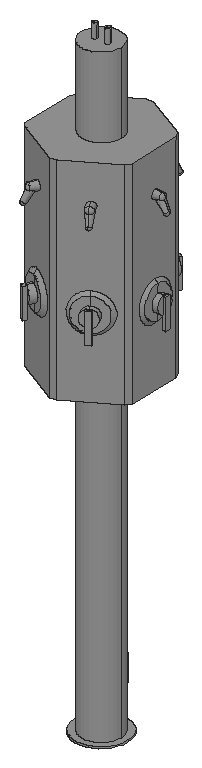
Revit family "Column_Shower-Willoughby-CWCSY", category Plumbing Fixtures, Revit 2015
Parameters (values of type "Standard")
  water line = Copper
  Waste Connection = no
  Vent Connection = no
  URL = "www.willoughby-ind.com"
  Revision = "A"
  Model = "CWCSY-6"
  Manufacturer = "Willoughby Industries"
  HW Connection = yes
  HCW DIA = 3/4"
  Fixture Body = Stainless Steel AISI 304-Willoughby
  Description = "6 Station Column Shower"
  Default Elevation = 0' - 0"
  Contact = "(800) 428-4065"
  CW Connection = yes
Reference planes (in)
  plane 1 "Center (Front/Back)": y = 0
  plane 2: z = 0
  plane 3 "Center (Left/Right)": x = 0
  plane 4 "Top Mounting Tube HGT": z = 92
  plane 5 "Shower Head HGT": z = 72
  plane 6 "Valve HGT": z = 60
  plane 7 "Soap dish HGT": z = 42
  plane 8 "Access": z = 6
  plane 9: x = -2
  plane 10: x = 2
  plane 11: x = -7.9375
  plane 12: x = 7.9375
  plane 13: through (0, 0, 48) normal (-0.866, 0.5, 0)
  plane 14: through (0, 0, 48) normal (-0.866, -0.5, 0)
  plane 15: x = 1
  plane 16: x = -1
Forms (in)
  Extrusion 1, solid, material "Stainless Steel AISI 304-Willoughby" <- "Fixture Body", detail levels fine
    sketch origin (0, 0, 0) x (1, 0, 0) y (0, 1, 0)
      loop
        circle (0, 0) r 4
    from 0 to -0.25
  Extrusion 2, solid, material "Stainless Steel AISI 304-Willoughby" <- "Fixture Body"
    sketch origin (0, 0, 0) x (1, 0, 0) y (0, 1, 0)
      loop
        circle (0, 0) r 3
    from 0 to 92
  Extrusion 3, solid, material "Stainless Steel AISI 304-Willoughby" <- "Fixture Body", detail levels fine
    sketch origin (0, 0, 6) x (1, 0, 0) y (0, 1, 0)
      loop
        line (2, 2.23607) -> (2.07433, 2.3104)
        arc (2.07433, 2.3104) -> (0, 3.10614) -> (-2.07433, 2.3104) r 3.10151
        line (-2.07433, 2.3104) -> (-2, 2.23607)
        arc (-2, 2.23607) -> (0, 3.03719) -> (2, 2.23607) r 2.89705
    from 0 to 4
  Extrusion 4, solid, material "Stainless Steel AISI 304-Willoughby" <- "Fixture Body"
    sketch origin (0, 0, 0) x (1, 0, 0) y (0, 1, 0)
      loop
        line (7.9375, -4) -> (7.9375, 4) -> (7.43285, 4.87408) -> (0.50465, 8.87408) -> (-0.50465, 8.87408) -> (-7.43285, 4.87408) -> (-7.9375, 4) -> (-7.9375, -4.36943) -> (-7.43285, -4.87408) -> (-0.50465, -8.87408) -> (0.50465, -8.87408) -> (7.43285, -4.87408) -> (7.9375, -4)
    from 48 to 80
  Revolve 5, solid, material "Stainless Steel AISI 304-Willoughby" <- "Fixture Body", detail levels medium+fine
    sketch origin (0, 0, 0) x (1, 0, 0) y (0, 0, 1)
      loop
        line (-7.9375, 74.25) -> (-9.4375, 74.25)
        arc (-9.4375, 74.25) -> (-9.3565, 73.94548) -> (-9.133, 73.72336) r 0.60317
        line (-9.133, 73.72336) -> (-7.9375, 73.61877) -> (-7.9375, 74.25)
      axis (-7.9375, 74.25) -> (-9.4375, 74.25)
    angle from 0 to 360
  Revolve 6, solid, material "Stainless Steel AISI 304-Willoughby" <- "Fixture Body", detail levels medium+fine
    sketch origin (0, 0, 0) x (1, 0, 0) y (0, 0, 1)
      loop
        arc (-10.02935, 72.63265) -> (-10.0914, 72.32141) -> (-9.90405, 72.06524) r 0.39437
        line (-9.90405, 72.06524) -> (-8.78983, 73.98782) -> (-9.26816, 74.26503) -> (-10.02935, 72.63265)
      axis (-8.78983, 73.98782) -> (-9.90405, 72.06524)
    angle from 0 to 360
  Revolve 7, solid, material "Stainless Steel AISI 304-Willoughby" <- "Fixture Body"
    sketch origin (0, 0, 0) x (-1, 0, 0) y (0, 0, 1)
      loop
        line (-7.9375, 74.25) -> (-9.4375, 74.25)
        arc (-9.4375, 74.25) -> (-9.3565, 73.94548) -> (-9.133, 73.72336) r 0.60317
        line (-9.133, 73.72336) -> (-7.9375, 73.61877) -> (-7.9375, 74.25)
      axis (-7.9375, 74.25) -> (-9.4375, 74.25)
    angle from 0 to 360
  Revolve 8, solid, material "Stainless Steel AISI 304-Willoughby" <- "Fixture Body"
    sketch origin (0, 0, 0) x (-1, 0, 0) y (0, 0, 1)
      loop
        arc (-10.02935, 72.63265) -> (-10.0914, 72.32141) -> (-9.90405, 72.06524) r 0.39437
        line (-9.90405, 72.06524) -> (-8.78983, 73.98782) -> (-9.26816, 74.26503) -> (-10.02935, 72.63265)
      axis (-8.78983, 73.98782) -> (-9.90405, 72.06524)
    angle from 0 to 360
  Revolve 9, solid, material "Stainless Steel AISI 304-Willoughby" <- "Fixture Body"
    sketch origin (0, 0, 0) x (-0.5, 0.866025, 0) y (0, 0, -1)
      loop
        line (-7.9375, -74.25) -> (-7.9375, -73.61877) -> (-9.133, -73.72336)
        arc (-9.133, -73.72336) -> (-9.3565, -73.94548) -> (-9.4375, -74.25) r 0.60317
        line (-9.4375, -74.25) -> (-7.9375, -74.25)
      axis (-7.9375, -74.25) -> (-9.4375, -74.25)
    angle from 0 to 360
  Revolve 10, solid, material "Stainless Steel AISI 304-Willoughby" <- "Fixture Body"
    sketch origin (0, 0, 0) x (-0.5, 0.866025, 0) y (0, 0, -1)
      loop
        line (-10.02935, -72.63265) -> (-9.26816, -74.26503) -> (-8.78983, -73.98782) -> (-9.90405, -72.06524)
        arc (-9.90405, -72.06524) -> (-10.0914, -72.32141) -> (-10.02935, -72.63265) r 0.39437
      axis (-8.78983, -73.98782) -> (-9.90405, -72.06524)
    angle from 0 to 360
  Revolve 11, solid, material "Stainless Steel AISI 304-Willoughby" <- "Fixture Body"
    sketch origin (0, 0, 0) x (0.5, -0.866025, 0) y (0, 0, 1)
      loop
        line (-7.9375, 74.25) -> (-9.4375, 74.25)
        arc (-9.4375, 74.25) -> (-9.3565, 73.94548) -> (-9.133, 73.72336) r 0.60317
        line (-9.133, 73.72336) -> (-7.9375, 73.61877) -> (-7.9375, 74.25)
      axis (-7.9375, 74.25) -> (-9.4375, 74.25)
    angle from 0 to 360
  Revolve 12, solid, material "Stainless Steel AISI 304-Willoughby" <- "Fixture Body"
    sketch origin (0, 0, 0) x (0.5, -0.866025, 0) y (0, 0, 1)
      loop
        arc (-10.02935, 72.63265) -> (-10.0914, 72.32141) -> (-9.90405, 72.06524) r 0.39437
        line (-9.90405, 72.06524) -> (-8.78983, 73.98782) -> (-9.26816, 74.26503) -> (-10.02935, 72.63265)
      axis (-8.78983, 73.98782) -> (-9.90405, 72.06524)
    angle from 0 to 360
  Revolve 13, solid, material "Stainless Steel AISI 304-Willoughby" <- "Fixture Body", detail levels medium+fine
    sketch origin (0, 0, 0) x (-1, 0, 0) y (0, 0, -1)
      loop
        line (-7.9375, -74.25) -> (-7.9375, -73.61877) -> (-9.133, -73.72336)
        arc (-9.133, -73.72336) -> (-9.3565, -73.94548) -> (-9.4375, -74.25) r 0.60317
        line (-9.4375, -74.25) -> (-7.9375, -74.25)
      axis (-7.9375, -74.25) -> (-9.4375, -74.25)
    angle from 0 to 360
  Revolve 14, solid, material "Stainless Steel AISI 304-Willoughby" <- "Fixture Body", detail levels medium+fine
    sketch origin (0, 0, 0) x (-1, 0, 0) y (0, 0, -1)
      loop
        line (-10.02935, -72.63265) -> (-9.26816, -74.26503) -> (-8.78983, -73.98782) -> (-9.90405, -72.06524)
        arc (-9.90405, -72.06524) -> (-10.0914, -72.32141) -> (-10.02935, -72.63265) r 0.39437
      axis (-8.78983, -73.98782) -> (-9.90405, -72.06524)
    angle from 0 to 360
  Revolve 15, solid, material "Stainless Steel AISI 304-Willoughby" <- "Fixture Body", detail levels medium+fine
    sketch origin (0, 0, 0) x (-0.5, -0.866025, 0) y (0, 0, -1)
      loop
        line (-7.9375, -74.25) -> (-7.9375, -73.61877) -> (-9.133, -73.72336)
        arc (-9.133, -73.72336) -> (-9.3565, -73.94548) -> (-9.4375, -74.25) r 0.60317
        line (-9.4375, -74.25) -> (-7.9375, -74.25)
      axis (-7.9375, -74.25) -> (-9.4375, -74.25)
    angle from 0 to 360
  Revolve 16, solid, material "Stainless Steel AISI 304-Willoughby" <- "Fixture Body", detail levels medium+fine
    sketch origin (0, 0, 0) x (-0.5, -0.866025, 0) y (0, 0, -1)
      loop
        line (-10.02935, -72.63265) -> (-9.26816, -74.26503) -> (-8.78983, -73.98782) -> (-9.90405, -72.06524)
        arc (-9.90405, -72.06524) -> (-10.0914, -72.32141) -> (-10.02935, -72.63265) r 0.39437
      axis (-8.78983, -73.98782) -> (-9.90405, -72.06524)
    angle from 0 to 360
  Revolve 17, solid, material "Stainless Steel AISI 304-Willoughby" <- "Fixture Body"
    sketch origin (0, 0, 0) x (0.5, 0.866025, 0) y (0, 0, 1)
      loop
        line (-7.9375, 74.25) -> (-9.4375, 74.25)
        arc (-9.4375, 74.25) -> (-9.3565, 73.94548) -> (-9.133, 73.72336) r 0.60317
        line (-9.133, 73.72336) -> (-7.9375, 73.61877) -> (-7.9375, 74.25)
      axis (-7.9375, 74.25) -> (-9.4375, 74.25)
    angle from 0 to 360
  Revolve 18, solid, material "Stainless Steel AISI 304-Willoughby" <- "Fixture Body"
    sketch origin (0, 0, 0) x (0.5, 0.866025, 0) y (0, 0, 1)
      loop
        arc (-10.02935, 72.63265) -> (-10.0914, 72.32141) -> (-9.90405, 72.06524) r 0.39437
        line (-9.90405, 72.06524) -> (-8.78983, 73.98782) -> (-9.26816, 74.26503) -> (-10.02935, 72.63265)
      axis (-8.78983, 73.98782) -> (-9.90405, 72.06524)
    angle from 0 to 360
  Revolve 19, solid, material "Stainless Steel AISI 304-Willoughby" <- "Fixture Body"
    sketch origin (0, 0, 0) x (0.5, 0.866025, 0) y (0, 0, 1)
      loop
        line (-7.9375, 74.25) -> (-9.4375, 74.25)
        arc (-9.4375, 74.25) -> (-9.3565, 73.94548) -> (-9.133, 73.72336) r 0.60317
        line (-9.133, 73.72336) -> (-7.9375, 73.61877) -> (-7.9375, 74.25)
      axis (-7.9375, 74.25) -> (-9.4375, 74.25)
    angle from 0 to 360
  Revolve 20, solid, material "Stainless Steel AISI 304-Willoughby" <- "Fixture Body"
    sketch origin (0, 0, 0) x (0.5, 0.866025, 0) y (0, 0, 1)
      loop
        arc (-10.02935, 72.63265) -> (-10.0914, 72.32141) -> (-9.90405, 72.06524) r 0.39437
        line (-9.90405, 72.06524) -> (-8.78983, 73.98782) -> (-9.26816, 74.26503) -> (-10.02935, 72.63265)
      axis (-8.78983, 73.98782) -> (-9.90405, 72.06524)
    angle from 0 to 360
  Revolve 21, solid, material "Stainless Steel AISI 304-Willoughby" <- "Fixture Body", detail levels fine
    sketch origin (0, 0, 0) x (1, 0, 0) y (0, 0, 1)
      loop
        line (-7.9375, 60) -> (-9.4375, 60) -> (-9.4375, 58.75) -> (-8.46783, 58.75) -> (-8.46783, 57.53033) -> (-7.9375, 57) -> (-7.9375, 60)
      axis (-7.9375, 60) -> (-9.4375, 60)
    angle from 0 to 360
  Extrusion 22, solid, material "Stainless Steel AISI 304-Willoughby" <- "Fixture Body", detail levels fine
    sketch origin (0, 0, 0) x (1, 0, 0) y (0, 0, 1)
      loop
        line (-9.4375, 61.25) -> (-9.9375, 61.25) -> (-9.9375, 56.75) -> (-9.4375, 56.75) -> (-9.4375, 61.25)
    from -0.375 to 0.375
  Revolve 23, solid, material "Stainless Steel AISI 304-Willoughby" <- "Fixture Body", detail levels fine
    sketch origin (0, 0, 0) x (-1, 0, 0) y (0, 0, 1)
      loop
        line (-7.9375, 60) -> (-9.4375, 60) -> (-9.4375, 58.75) -> (-8.46783, 58.75) -> (-8.46783, 57.53033) -> (-7.9375, 57) -> (-7.9375, 60)
      axis (-7.9375, 60) -> (-9.4375, 60)
    angle from 0 to 360
  Extrusion 24, solid, material "Stainless Steel AISI 304-Willoughby" <- "Fixture Body", detail levels fine
    sketch origin (0, 0, 0) x (-1, 0, 0) y (0, 0, -1)
      loop
        line (-9.4375, -61.25) -> (-9.4375, -56.75) -> (-9.9375, -56.75) -> (-9.9375, -61.25) -> (-9.4375, -61.25)
    from -0.375 to 0.375
  Revolve 25, solid, material "Stainless Steel AISI 304-Willoughby" <- "Fixture Body"
    sketch origin (0, 0, 0) x (-0.5, 0.866025, 0) y (0, 0, -1)
      loop
        line (-7.9375, -60) -> (-7.9375, -57) -> (-8.46783, -57.53033) -> (-8.46783, -58.75) -> (-9.4375, -58.75) -> (-9.4375, -60) -> (-7.9375, -60)
      axis (-7.9375, -60) -> (-9.4375, -60)
    angle from 0 to 360
  Extrusion 26, solid, material "Stainless Steel AISI 304-Willoughby" <- "Fixture Body"
    sketch origin (0, 0, 0) x (-0.5, 0.866025, 0) y (0, 0, -1)
      loop
        line (-9.4375, -61.25) -> (-9.4375, -56.75) -> (-9.9375, -56.75) -> (-9.9375, -61.25) -> (-9.4375, -61.25)
    from -0.375 to 0.375
  Revolve 27, solid, material "Stainless Steel AISI 304-Willoughby" <- "Fixture Body", detail levels fine
    sketch origin (0, 0, 0) x (-0.5, -0.866025, 0) y (0, 0, -1)
      loop
        line (-7.9375, -60) -> (-7.9375, -57) -> (-8.46783, -57.53033) -> (-8.46783, -58.75) -> (-9.4375, -58.75) -> (-9.4375, -60) -> (-7.9375, -60)
      axis (-7.9375, -60) -> (-9.4375, -60)
    angle from 0 to 360
  Extrusion 28, solid, material "Stainless Steel AISI 304-Willoughby" <- "Fixture Body", detail levels fine
    sketch origin (0, 0, 0) x (-0.5, -0.866025, 0) y (0, 0, -1)
      loop
        line (-9.4375, -61.25) -> (-9.4375, -56.75) -> (-9.9375, -56.75) -> (-9.9375, -61.25) -> (-9.4375, -61.25)
    from -0.375 to 0.375
  Revolve 29, solid, material "Stainless Steel AISI 304-Willoughby" <- "Fixture Body", detail levels fine
    sketch origin (0, 0, 0) x (0.5, -0.866025, 0) y (0, 0, 1)
      loop
        line (-7.9375, 60) -> (-9.4375, 60) -> (-9.4375, 58.75) -> (-8.46783, 58.75) -> (-8.46783, 57.53033) -> (-7.9375, 57) -> (-7.9375, 60)
      axis (-7.9375, 60) -> (-9.4375, 60)
    angle from 0 to 360
  Extrusion 30, solid, material "Stainless Steel AISI 304-Willoughby" <- "Fixture Body", detail levels fine
    sketch origin (0, 0, 0) x (0.5, -0.866025, 0) y (0, 0, 1)
      loop
        line (-9.4375, 61.25) -> (-9.9375, 61.25) -> (-9.9375, 56.75) -> (-9.4375, 56.75) -> (-9.4375, 61.25)
    from -0.375 to 0.375
  Revolve 31, solid, material "Stainless Steel AISI 304-Willoughby" <- "Fixture Body"
    sketch origin (0, 0, 0) x (0.5, 0.866025, 0) y (0, 0, 1)
      loop
        line (-7.9375, 60) -> (-9.4375, 60) -> (-9.4375, 58.75) -> (-8.46783, 58.75) -> (-8.46783, 57.53033) -> (-7.9375, 57) -> (-7.9375, 60)
      axis (-7.9375, 60) -> (-9.4375, 60)
    angle from 0 to 360
  Extrusion 32, solid, material "Stainless Steel AISI 304-Willoughby" <- "Fixture Body"
    sketch origin (0, 0, 0) x (0.5, 0.866025, 0) y (0, 0, 1)
      loop
        line (-9.4375, 61.25) -> (-9.9375, 61.25) -> (-9.9375, 56.75) -> (-9.4375, 56.75) -> (-9.4375, 61.25)
    from -0.375 to 0.375
  Revolve 33, solid, material "Copper" <- "water line", detail levels fine
    sketch origin (0, 0, 0) x (1, 0, 0) y (0, 0, 1)
      loop
        line (1, 92) -> (1, 94) -> (0.625, 94) -> (0.625, 92) -> (1, 92)
      axis (1, 94) -> (1, 92)
    angle from 0 to 360
  Revolve 34, solid, material "Copper" <- "water line", detail levels fine
    sketch origin (0, 0, 0) x (1, 0, 0) y (0, 0, 1)
      loop
        line (-1, 92) -> (-1, 94) -> (-1.375, 94) -> (-1.375, 92) -> (-1, 92)
      axis (-1, 94) -> (-1, 92)
    angle from 0 to 360
Lines and regions (in)
  symbolic lines
    curve 1: line (3, 0, 0) -> (3, 0, 91.75)
    curve 2: line (-3, 0, 91.75) -> (-3, 0, 0)
    curve 3: line (-3, 0, 0) -> (3, 0, 0)
    curve 4: line (-3, 0, 0) -> (-4, 0, 0)
    curve 5: line (-4, 0, 0) -> (-4, 0, -0.25)
    curve 6: line (-4, 0, -0.25) -> (4, 0, -0.25)
    curve 7: line (4, 0, -0.25) -> (4, 0, 0)
    curve 8: line (0, -3, 0) -> (0, -3, 90)
    curve 9: line (0, 3, 90) -> (0, 3, 0)
    curve 10: line (0, 7, 0) -> (0, -7, 0)
    curve 11: line (0, -7, 0) -> (0, -7, -0.25)
    curve 12: line (0, -7, -0.25) -> (0, 7, -0.25)
    curve 13: line (0, 7, -0.25) -> (0, 7, 0)
    curve 14: circle (0, 0, 92) r 3 normal (0, 0, 1)
    curve 15: line (3, 0, 0) -> (4, 0, 0)
    curve 16: line (-7.43285, 4.87408, 0) -> (-0.50465, 8.87408, 0)
    curve 17: line (-0.50465, 8.87408, 0) -> (0.50465, 8.87408, 0)
    curve 18: line (0.50465, 8.87408, 0) -> (7.43285, 4.87408, 0)
    curve 19: line (7.43285, 4.87408, 0) -> (7.9375, 4, 0)
    curve 20: line (7.9375, 4, 0) -> (7.9375, -4, 0)
    curve 21: line (7.9375, -4, 0) -> (7.43285, -4.87408, 0)
    curve 22: line (7.43285, -4.87408, 0) -> (0.50465, -8.87408, 0)
    curve 23: line (0.50465, -8.87408, 0) -> (-0.50465, -8.87408, 0)
    curve 24: line (-0.50465, -8.87408, 0) -> (-7.43285, -4.87408, 0)
    curve 25: line (-7.43285, -4.87408, 0) -> (-7.9375, -4.36943, 0)
    curve 26: line (-7.9375, -4.36943, 0) -> (-7.9375, 4, 0)
    curve 27: line (-7.9375, 4, 0) -> (-7.43285, 4.87408, 0)
    curve 82: circle (0, 0, 0) r 3 normal (0, 0, 1)
    curve 83: line (7.9375, 0, 48) -> (7.9375, 0, 80)
    curve 84: line (7.9375, 0, 80) -> (-7.9375, 0, 80)
    curve 85: line (-7.9375, 0, 80) -> (-7.9375, 0, 48)
    curve 86: line (-7.9375, 0, 48) -> (8.3125, 0, 48)
    curve 87: line (7.43285, 0, 48) -> (7.43285, 0, 80)
    curve 88: line (0.50465, 0, 48) -> (0.50465, 0, 80)
    curve 89: line (-0.50465, 0, 80) -> (-0.50465, 0, 48)
    curve 90: line (-7.43285, 0, 48) -> (-7.43285, 0, 80)
    curve 92: line (8.36057, 0, 73.66229) -> (8.31197, 0, 73.71088)
    curve 113: line (-3.96875, 0, 73.61877) -> (-3.90178, 0, 73.79323)
    curve 114: line (-4.95632, 0, 73.97917) -> (-4.92805, 0, 74.13951)
    curve 115: spline (-4.92805, 0, 74.13951) -> (-4.88648, 0, 74.205) -> (-4.81277, 0, 74.25423) -> (-4.71195, 0, 74.28383) -> (-4.59088, 0, 74.29181) -> (-4.45783, 0, 74.2776) -> (-4.32185, 0, 74.24219) -> (-4.19221, 0, 74.18797) -> (-4.07775, 0, 74.11866) -> (-3.98627, 0, 74.03897) -> (-3.92399, 0, 73.95433) -> (-3.89518, 0, 73.87051) -> (-3.90178, 0, 73.79323)
    curve 120: spline (-3.90178, 0, 73.79323) -> (-3.89518, 0, 73.87051) -> (-3.92399, 0, 73.95433) -> (-3.98627, 0, 74.03897) -> (-4.07775, 0, 74.11866) -> (-4.19221, 0, 74.18797) -> (-4.32185, 0, 74.24219) -> (-4.45783, 0, 74.2776) -> (-4.59088, 0, 74.29181) -> (-4.71195, 0, 74.28383) -> (-4.81277, 0, 74.25423) -> (-4.88648, 0, 74.205) -> (-4.92805, 0, 74.13951)
    curve 126: line (-8.3115, 0, 73.71061) -> (-9.26816, 0, 74.26503)
    curve 134: line (8.46783, 0, 62.46967) -> (7.9375, 0, 63)
    curve 144: line (9.4375, 0, 56.75) -> (9.4375, 0, 58.75)
    curve 149: line (4.64399, 0, 56.75) -> (4.39399, 0, 56.75)
    curve 163: line (-4.39399, 0, 61.25) -> (-5.29351, 0, 61.25)
    curve 170: line (-7.9375, 0, 63) -> (-8.46783, 0, 62.46967)
    curve 171: line (-8.46783, 0, 62.46967) -> (-8.46783, 0, 57.53033)
    curve 172: line (-8.46783, 0, 57.53033) -> (-7.9375, 0, 57)
    curve 173: line (-8.46783, 0, 61.25) -> (-9.9375, 0, 61.25)
    curve 174: line (-9.9375, 0, 61.25) -> (-9.9375, 0, 56.75)
    curve 175: line (-9.9375, 0, 56.75) -> (-9.4375, 0, 56.75)
    curve 176: line (-9.4375, 0, 56.75) -> (-9.4375, 0, 61.25)
    curve 177: line (-9.4375, 0, 58.75) -> (-8.46783, 0, 58.75)
    curve 178: line (-8.46783, 0, 62.46967) -> (-8.46783, 0, 61.25)
    curve 179: line (0, 8.87408, 80) -> (0, -8.87408, 80)
    curve 180: line (0, -8.87408, 80) -> (0, -8.87408, 48)
    curve 181: line (0, -8.87408, 48) -> (0, 8.87408, 48)
    curve 182: line (0, 8.87408, 48) -> (0, 8.87408, 80)
    curve 183: line (0, 4.87408, 80) -> (0, 4.87408, 48)
    curve 184: line (0, 4, 48) -> (0, 4, 80)
    curve 185: line (0, -4.36943, 80) -> (0, -4.36943, 48)
    curve 186: line (0, -4.87408, 48) -> (0, -4.87408, 80)
    curve 191: arc (0, -0.56081, 73.98177) -> (0, -0.54398, 74.03846) -> (0, -0.51433, 74.08962) r 0.25036
    curve 208: line (0, -8.0385, 72.27148) -> (0, -7.11978, 73.74175)
    curve 257: line (0, -3, 92) -> (0, 3, 92)
    curve 258: line (0, 0.375, 94) -> (0, 0.375, 92)
    curve 259: line (0, -0.375, 94) -> (0, 0.375, 94)
    curve 260: line (0, -0.375, 94) -> (0, -0.375, 92)
  symbolic lines, detail levels fine
    curve 28: line (-6.37271, 6.09852, 0) -> (-6.56683, 5.37408, 0)
    curve 29: line (-6.37271, 6.09852, 0) -> (-2.09512, 8.56819, 0)
    curve 30: line (-2.09512, 8.56819, 0) -> (-1.37067, 8.37408, 0)
    curve 31: line (-3.63622, 8.79811, 0) -> (-3.15138, 7.95836, 0)
    curve 32: line (-3.63622, 8.79811, 0) -> (-5.80128, 7.54811, 0)
    curve 33: line (-5.80128, 7.54811, 0) -> (-5.31645, 6.70836, 0)
    curve 34: line (-5.29351, 8.41863, 0) -> (-5.04351, 7.98561, 0)
    curve 35: line (-4.64399, 8.79363, 0) -> (-4.39399, 8.36061, 0)
    curve 36: line (-4.64399, 8.79363, 0) -> (-5.29351, 8.41863, 0)
    curve 37: line (2.09512, 8.56819, 0) -> (1.37067, 8.37408, 0)
    curve 38: line (2.09512, 8.56819, 0) -> (6.37271, 6.09852, 0)
    curve 39: line (6.37271, 6.09852, 0) -> (6.56683, 5.37408, 0)
    curve 40: line (5.80128, 7.54811, 0) -> (5.31645, 6.70836, 0)
    curve 41: line (3.63622, 8.79811, 0) -> (3.15138, 7.95836, 0)
    curve 42: line (3.63622, 8.79811, 0) -> (5.80128, 7.54811, 0)
    curve 43: line (5.04351, 7.98561, 0) -> (5.29351, 8.41863, 0)
    curve 44: line (5.29351, 8.41863, 0) -> (4.64399, 8.79363, 0)
    curve 45: line (4.64399, 8.79363, 0) -> (4.39399, 8.36061, 0)
    curve 46: line (8.46783, 2.46967, 0) -> (7.9375, 3, 0)
    curve 47: line (8.46783, 2.46967, 0) -> (8.46783, -2.46967, 0)
    curve 48: line (8.46783, -2.46967, 0) -> (7.9375, -3, 0)
    curve 49: line (9.4375, -1.25, 0) -> (8.46783, -1.25, 0)
    curve 50: line (9.4375, 1.25, 0) -> (8.46783, 1.25, 0)
    curve 51: line (9.4375, 1.25, 0) -> (9.4375, -1.25, 0)
    curve 52: line (9.9375, 0.375, 0) -> (9.4375, 0.375, 0)
    curve 53: line (9.9375, 0.375, 0) -> (9.9375, -0.375, 0)
    curve 54: line (9.9375, -0.375, 0) -> (9.4375, -0.375, 0)
    curve 55: line (6.37271, -6.09852, 0) -> (6.56683, -5.37408, 0)
    curve 56: line (6.37271, -6.09852, 0) -> (2.09512, -8.56819, 0)
    curve 57: line (2.09512, -8.56819, 0) -> (1.37067, -8.37408, 0)
    curve 58: line (3.63622, -8.79811, 0) -> (3.15138, -7.95836, 0)
    curve 59: line (5.80128, -7.54811, 0) -> (5.31645, -6.70836, 0)
    curve 60: line (5.80128, -7.54811, 0) -> (3.63622, -8.79811, 0)
    curve 61: line (5.29351, -8.41863, 0) -> (5.04351, -7.98561, 0)
    curve 62: line (5.29351, -8.41863, 0) -> (4.64399, -8.79363, 0)
    curve 63: line (4.64399, -8.79363, 0) -> (4.39399, -8.36061, 0)
    curve 64: line (-2.09512, -8.56819, 0) -> (-1.37067, -8.37408, 0)
    curve 65: line (-2.09512, -8.56819, 0) -> (-6.37271, -6.09852, 0)
    curve 66: line (-6.37271, -6.09852, 0) -> (-6.56683, -5.37408, 0)
    curve 67: line (-5.80128, -7.54811, 0) -> (-5.31645, -6.70836, 0)
    curve 68: line (-5.80128, -7.54811, 0) -> (-3.63622, -8.79811, 0)
    curve 69: line (-3.63622, -8.79811, 0) -> (-3.15138, -7.95836, 0)
    curve 70: line (-4.64399, -8.79363, 0) -> (-4.39399, -8.36061, 0)
    curve 71: line (-4.64399, -8.79363, 0) -> (-5.29351, -8.41863, 0)
    curve 72: line (-5.29351, -8.41863, 0) -> (-5.04351, -7.98561, 0)
    curve 73: line (-8.46783, -2.46967, 0) -> (-7.9375, -3, 0)
    curve 74: line (-8.46783, -2.46967, 0) -> (-8.46783, 2.46967, 0)
    curve 75: line (-8.46783, 2.46967, 0) -> (-7.9375, 3, 0)
    curve 76: line (-8.46783, 1.25, 0) -> (-9.4375, 1.25, 0)
    curve 77: line (-9.4375, 1.25, 0) -> (-9.4375, -1.25, 0)
    curve 78: line (-9.4375, -1.25, 0) -> (-8.46783, -1.25, 0)
    curve 79: line (-9.4375, -0.375, 0) -> (-9.9375, -0.375, 0)
    curve 80: line (-9.9375, -0.375, 0) -> (-9.9375, 0.375, 0)
    curve 81: line (-9.9375, 0.375, 0) -> (-9.4375, 0.375, 0)
    curve 91: line (7.9375, 0, 73.61034) -> (8.36057, 0, 73.66229)
    curve 93: line (8.31197, 0, 73.71088) -> (9.34944, 0, 72.23861)
    curve 94: arc (9.34944, 0, 72.23861) -> (9.90023, 0, 72.07183) -> (10.02935, 0, 72.63265) r 0.39382
    curve 95: line (10.02935, 0, 72.63265) -> (9.38778, 0, 74.00851)
    curve 96: arc (9.38778, 0, 74.00851) -> (9.40822, 0, 74.44161) -> (9.133, 0, 74.77664) r 0.60351
    curve 97: line (9.133, 0, 74.77664) -> (7.9375, 0, 74.88123)
    curve 98: line (8.31197, 0, 73.71088) -> (9.26816, 0, 74.26503)
    curve 99: line (9.26816, 0, 74.26503) -> (9.38778, 0, 74.00851)
    curve 100: line (9.34944, 0, 72.23861) -> (8.31197, 0, 73.71088)
    curve 101: line (3.96875, 0, 73.61877) -> (4.46635, 0, 72.32247)
    curve 102: line (4.9522, 0, 73.99137) -> (5.2249, 0, 72.54154)
    curve 103: arc (5.2249, 0, 72.54154) -> (4.96293, 0, 72.02583) -> (4.46635, 0, 72.32247) r 0.3957
    curve 104: spline (3.95552, 0, 73.61369) -> (3.8169, 0, 73.6353) -> (3.68773, 0, 73.69866) -> (3.57681, 0, 73.79945) -> (3.49169, 0, 73.9308) -> (3.43819, 0, 74.08376) -> (3.41994, 0, 74.24791) -> (3.43819, 0, 74.41206) -> (3.49169, 0, 74.56502) -> (3.57681, 0, 74.69638) -> (3.68773, 0, 74.79717) -> (3.8169, 0, 74.86052) -> (3.95552, 0, 74.88214)
    curve 105: line (3.96875, 0, 74.88123) -> (4.63496, 0, 74.77099)
    curve 106: arc (4.63496, 0, 74.77099) -> (4.98675, 0, 74.44826) -> (4.94127, 0, 73.97303) r 0.53559
    curve 107: spline (4.93355, 0, 74.10241) -> (4.89669, 0, 74.1677) -> (4.82619, 0, 74.21885) -> (4.72687, 0, 74.25238) -> (4.60548, 0, 74.26601) -> (4.47031, 0, 74.2588) -> (4.33056, 0, 74.23125) -> (4.19576, 0, 74.18523) -> (4.0751, 0, 74.12389) -> (3.97679, 0, 74.0514) -> (3.90753, 0, 73.9727) -> (3.87206, 0, 73.89315) -> (3.87278, 0, 73.81818)
    curve 108: line (3.87278, 0, 73.81818) -> (3.96875, 0, 73.61877)
    curve 109: line (4.93355, 0, 74.10241) -> (4.95728, 0, 73.97624)
    curve 110: line (-4.95632, 0, 73.97917) -> (-5.2168, 0, 72.50196)
    curve 111: line (-3.96875, 0, 73.61877) -> (-4.47409, 0, 72.30231)
    curve 112: arc (-4.47409, 0, 72.30231) -> (-4.95048, 0, 72.01139) -> (-5.2168, 0, 72.50196) r 0.38503
    curve 116: arc (-3.96875, 0, 73.61877) -> (-3.40713, 0, 74.28457) -> (-4.05595, 0, 74.86572) r 0.62528
    curve 117: line (-4.05595, 0, 74.86572) -> (-4.5665, 0, 74.77664)
    curve 118: arc (-4.5665, 0, 74.77664) -> (-4.96481, 0, 74.47733) -> (-4.95632, 0, 73.97917) r 0.54824
    curve 119: arc (-4.5665, 0, 74.77664) -> (-4.21373, 0, 74.56609) -> (-4.11316, 0, 74.16776) r 0.53677
    curve 121: line (-7.9375, 0, 74.88182) -> (-9.133, 0, 74.77664)
    curve 122: arc (-9.133, 0, 74.77664) -> (-9.40713, 0, 74.44116) -> (-9.38785, 0, 74.00836) r 0.60717
    curve 123: line (-9.26816, 0, 74.26503) -> (-10.02935, 0, 72.63265)
    curve 124: arc (-10.02935, 0, 72.63265) -> (-9.91054, 0, 72.05405) -> (-9.34944, 0, 72.23861) r 0.39555
    curve 125: line (-9.34944, 0, 72.23861) -> (-8.3115, 0, 73.71061)
    curve 128: line (-1.375, 0, 92) -> (-1.375, 0, 94)
    curve 129: line (-1.375, 0, 94) -> (-0.625, 0, 94)
    curve 130: line (-0.625, 0, 94) -> (-0.625, 0, 92)
    curve 131: line (0.625, 0, 92) -> (0.625, 0, 94)
    curve 132: line (0.625, 0, 94) -> (1.375, 0, 94)
    curve 133: line (1.375, 0, 94) -> (1.375, 0, 92)
    curve 135: line (8.46783, 0, 62.46967) -> (7.9375, 0, 63)
    curve 136: line (8.46783, 0, 62.46967) -> (8.46783, 0, 57.53033)
    curve 137: line (8.46783, 0, 57.53033) -> (7.9375, 0, 57)
    curve 138: line (8.46783, 0, 58.75) -> (9.4375, 0, 58.75)
    curve 139: line (9.4375, 0, 58.75) -> (9.4375, 0, 61.25)
    curve 140: line (9.4375, 0, 61.25) -> (8.46783, 0, 61.25)
    curve 141: line (9.4375, 0, 61.25) -> (9.9375, 0, 61.25)
    curve 142: line (9.9375, 0, 61.25) -> (9.9375, 0, 56.75)
    curve 143: line (9.9375, 0, 56.75) -> (9.4375, 0, 56.75)
    curve 145: line (4.64399, 0, 61.25) -> (5.29351, 0, 61.25)
    curve 146: line (5.29351, 0, 61.25) -> (5.29351, 0, 56.75)
    curve 147: line (5.29351, 0, 56.75) -> (4.64399, 0, 56.75)
    curve 148: line (4.64399, 0, 56.75) -> (4.64399, 0, 61.25)
    curve 150: line (4.39399, 0, 56.75) -> (4.39399, 0, 61.25)
    curve 151: arc (5.29351, 0, 61) -> (5.81877, 0, 60) -> (5.29351, 0, 59) r 1.21454
    curve 152: spline (4.39399, 0, 61.25) -> (4.07047, 0, 61.20741) -> (3.76899, 0, 61.08253) -> (3.51011, 0, 60.88388) -> (3.31146, 0, 60.625) -> (3.18658, 0, 60.32352) -> (3.14399, 0, 60) -> (3.18658, 0, 59.67648) -> (3.31146, 0, 59.375) -> (3.51011, 0, 59.11612) -> (3.76899, 0, 58.91747) -> (4.07047, 0, 58.79259) -> (4.39399, 0, 58.75)
    curve 153: spline (4.39399, 0, 58.81402) -> (4.19988, 0, 58.85445) -> (4.01899, 0, 58.97298) -> (3.86366, 0, 59.16154) -> (3.74447, 0, 59.40728) -> (3.66955, 0, 59.69344) -> (3.64399, 0, 60.00053) -> (3.66955, 0, 60.30762) -> (3.74447, 0, 60.59379) -> (3.86366, 0, 60.83952) -> (4.01899, 0, 61.02808) -> (4.19988, 0, 61.14662) -> (4.39399, 0, 61.18704)
    curve 154: spline (4.23392, 0, 62.46967) -> (3.67586, 0, 62.38552) -> (3.15584, 0, 62.1388) -> (2.70928, 0, 61.74632) -> (2.36663, 0, 61.23483) -> (2.15123, 0, 60.6392) -> (2.07776, 0, 60) -> (2.15123, 0, 59.3608) -> (2.36663, 0, 58.76517) -> (2.70928, 0, 58.25368) -> (3.15584, 0, 57.8612) -> (3.67586, 0, 57.61448) -> (4.23392, 0, 57.53033)
    curve 155: spline (4.23392, 0, 57.53033) -> (4.78826, 0, 57.61448) -> (5.30483, 0, 57.8612) -> (5.74841, 0, 58.25368) -> (6.08879, 0, 58.76517) -> (6.30276, 0, 59.3608) -> (6.37574, 0, 60) -> (6.30276, 0, 60.6392) -> (6.08879, 0, 61.23483) -> (5.74841, 0, 61.74632) -> (5.30483, 0, 62.1388) -> (4.78826, 0, 62.38552) -> (4.23392, 0, 62.46967)
    curve 156: spline (3.96875, 0, 63) -> (3.29526, 0, 62.89778) -> (2.66766, 0, 62.59808) -> (2.12874, 0, 62.12132) -> (1.7152, 0, 61.5) -> (1.45525, 0, 60.77646) -> (1.36658, 0, 60) -> (1.45525, 0, 59.22354) -> (1.7152, 0, 58.5) -> (2.12874, 0, 57.87868) -> (2.66766, 0, 57.40192) -> (3.29526, 0, 57.10222) -> (3.96875, 0, 57)
    curve 157: spline (3.96875, 0, 57) -> (4.64775, 0, 57.10222) -> (5.28047, 0, 57.40192) -> (5.8238, 0, 57.87868) -> (6.24071, 0, 58.5) -> (6.50279, 0, 59.22354) -> (6.59219, 0, 60) -> (6.50279, 0, 60.77646) -> (6.24071, 0, 61.5) -> (5.8238, 0, 62.12132) -> (5.28047, 0, 62.59808) -> (4.64775, 0, 62.89778) -> (3.96875, 0, 63)
    curve 158: spline (-3.96875, 0, 63) -> (-4.6392, 0, 62.89778) -> (-5.26395, 0, 62.59808) -> (-5.80044, 0, 62.12132) -> (-6.2121, 0, 61.5) -> (-6.47089, 0, 60.77646) -> (-6.55915, 0, 60) -> (-6.47089, 0, 59.22354) -> (-6.2121, 0, 58.5) -> (-5.80044, 0, 57.87868) -> (-5.26395, 0, 57.40192) -> (-4.6392, 0, 57.10222) -> (-3.96875, 0, 57)
    curve 159: spline (-3.96875, 0, 57) -> (-3.29858, 0, 57.10222) -> (-2.67408, 0, 57.40192) -> (-2.13781, 0, 57.87868) -> (-1.72632, 0, 58.5) -> (-1.46764, 0, 59.22354) -> (-1.37941, 0, 60) -> (-1.46764, 0, 60.77646) -> (-1.72632, 0, 61.5) -> (-2.13781, 0, 62.12132) -> (-2.67408, 0, 62.59808) -> (-3.29858, 0, 62.89778) -> (-3.96875, 0, 63)
    curve 160: spline (-4.23392, 0, 61.25) -> (-3.94915, 0, 61.20741) -> (-3.68378, 0, 61.08253) -> (-3.45591, 0, 60.88388) -> (-3.28106, 0, 60.625) -> (-3.17114, 0, 60.32352) -> (-3.13365, 0, 60) -> (-3.17114, 0, 59.67648) -> (-3.28106, 0, 59.375) -> (-3.45591, 0, 59.11612) -> (-3.68378, 0, 58.91747) -> (-3.94915, 0, 58.79259) -> (-4.23392, 0, 58.75)
    curve 161: spline (-4.39399, 0, 61.25) -> (-4.19988, 0, 61.20834) -> (-4.01899, 0, 61.08619) -> (-3.86366, 0, 60.89189) -> (-3.74447, 0, 60.63867) -> (-3.66955, 0, 60.34379) -> (-3.64399, 0, 60.02734) -> (-3.66955, 0, 59.71089) -> (-3.74447, 0, 59.41601) -> (-3.86366, 0, 59.16279) -> (-4.01899, 0, 58.96849) -> (-4.19988, 0, 58.84634) -> (-4.39399, 0, 58.80468)
    curve 162: spline (-5.29351, 0, 61.05399) -> (-5.42292, 0, 61.01786) -> (-5.54351, 0, 60.9119) -> (-5.64706, 0, 60.74335) -> (-5.72652, 0, 60.5237) -> (-5.77647, 0, 60.2679) -> (-5.79351, 0, 59.9934) -> (-5.77647, 0, 59.7189) -> (-5.72652, 0, 59.4631) -> (-5.64706, 0, 59.24345) -> (-5.54351, 0, 59.0749) -> (-5.42292, 0, 58.96894) -> (-5.29351, 0, 58.93281)
    curve 164: line (-5.29351, 0, 61.25) -> (-5.29351, 0, 56.75)
    curve 165: line (-5.29351, 0, 56.75) -> (-4.39399, 0, 56.75)
    curve 166: line (-4.39399, 0, 56.75) -> (-4.39399, 0, 61.25)
    curve 167: line (-4.64399, 0, 61.25) -> (-4.64399, 0, 56.75)
    curve 168: spline (-4.23392, 0, 62.46967) -> (-3.68541, 0, 62.38552) -> (-3.17429, 0, 62.1388) -> (-2.73538, 0, 61.74632) -> (-2.3986, 0, 61.23483) -> (-2.18688, 0, 60.6392) -> (-2.11467, 0, 60) -> (-2.18688, 0, 59.3608) -> (-2.3986, 0, 58.76517) -> (-2.73538, 0, 58.25368) -> (-3.17429, 0, 57.8612) -> (-3.68541, 0, 57.61448) -> (-4.23392, 0, 57.53033)
    curve 169: spline (-4.23392, 0, 57.53033) -> (-4.81626, 0, 57.61448) -> (-5.35892, 0, 57.8612) -> (-5.82491, 0, 58.25368) -> (-6.18247, 0, 58.76517) -> (-6.40725, 0, 59.3608) -> (-6.48392, 0, 60) -> (-6.40725, 0, 60.6392) -> (-6.18247, 0, 61.23483) -> (-5.82491, 0, 61.74632) -> (-5.35892, 0, 62.1388) -> (-4.81626, 0, 62.38552) -> (-4.23392, 0, 62.46967)
    curve 214: line (0, -7.98561, 61.25) -> (0, -8.79363, 61.25)
    curve 215: line (0, -8.79363, 61.25) -> (0, -8.79363, 56.75)
    curve 216: line (0, -7.98561, 56.75) -> (0, -7.98561, 61.25)
    curve 217: line (0, -8.41863, 61.25) -> (0, -8.41863, 56.75)
    curve 218: line (0, -7.98561, 58.75) -> (0, -7.33336, 58.75)
    curve 219: line (0, -7.98561, 61.25) -> (0, -7.33336, 61.25)
    curve 220: spline (0, -7.33336, 61.25) -> (0, -7.16974, 61.20741) -> (0, -7.01728, 61.08253) -> (0, -6.88636, 60.88388) -> (0, -6.7859, 60.625) -> (0, -6.72275, 60.32352) -> (0, -6.70121, 60) -> (0, -6.72275, 59.67648) -> (0, -6.7859, 59.375) -> (0, -6.88636, 59.11612) -> (0, -7.01728, 58.91747) -> (0, -7.16974, 58.79259) -> (0, -7.33336, 58.75)
    curve 221: spline (0, -7.33336, 62.46967) -> (0, -7.00983, 62.38552) -> (0, -6.70836, 62.1388) -> (0, -6.44947, 61.74632) -> (0, -6.25082, 61.23483) -> (0, -6.12595, 60.6392) -> (0, -6.08336, 60) -> (0, -6.12595, 59.3608) -> (0, -6.25082, 58.76517) -> (0, -6.44947, 58.25368) -> (0, -6.70836, 57.8612) -> (0, -7.00983, 57.61448) -> (0, -7.33336, 57.53033)
    curve 222: arc (0, -7.33336, 57.53033) -> (0, -7.70994, 57.63123) -> (0, -7.98561, 57.90691) r 0.75316
    curve 223: arc (0, -7.33336, 62.46967) -> (0, -8.05344, 62.01773) -> (0, -8.41863, 61.25) r 1.52149
    curve 224: line (0, -0.375, 61.25) -> (0, 0.375, 61.25)
    curve 225: line (0, 0.375, 61.25) -> (0, 0.375, 56.75)
    curve 226: line (0, 0.375, 56.75) -> (0, -0.375, 56.75)
    curve 227: line (0, -0.375, 56.75) -> (0, -0.375, 61.25)
    curve 228: arc (0, 0.375, 61.19401) -> (0, 1.25012, 60.00079) -> (0, 0.375, 58.80758) r 1.25103
    curve 229: arc (0, -0.375, 61.19242) -> (0, -1.25, 60) -> (0, -0.375, 58.80758) r 1.25
    curve 230: circle (0, 0, 60) r 2.46967 normal (1, 0, 0)
    curve 231: circle (0, 0, 60) r 3.02253 normal (1, 0, 0)
    curve 232: spline (0, -6.87408, 63) -> (0, -6.48585, 62.89778) -> (0, -6.12408, 62.59808) -> (0, -5.81342, 62.12132) -> (0, -5.57504, 61.5) -> (0, -5.42519, 60.77646) -> (0, -5.37408, 60) -> (0, -5.42519, 59.22354) -> (0, -5.57504, 58.5) -> (0, -5.81342, 57.87868) -> (0, -6.12408, 57.40192) -> (0, -6.48585, 57.10222) -> (0, -6.87408, 57)
    curve 233: arc (0, -6.87408, 57) -> (0, -7.26728, 57.0944) -> (0, -7.57477, 57.35702) r 0.86611
    curve 234: arc (0, -6.87408, 63) -> (0, -7.15896, 62.94692) -> (0, -7.40619, 62.79574) r 0.79918
    curve 235: arc (0, -7.40619, 62.79574) -> (0, -7.71666, 62.47485) -> (0, -7.97876, 62.11339) r 3.15766
    curve 236: arc (0, -7.98561, 61.17713) -> (0, -7.53676, 59.99215) -> (0, -7.98561, 58.80717) r 1.7886
    curve 237: line (0, 8.79363, 61.25) -> (0, 7.98561, 61.25)
    curve 238: line (0, 7.98561, 61.25) -> (0, 7.98561, 56.75)
    curve 239: line (0, 7.98561, 56.75) -> (0, 8.79363, 56.75)
    curve 240: line (0, 8.79363, 56.75) -> (0, 8.79363, 61.25)
    curve 241: line (0, 8.41863, 61.25) -> (0, 8.41863, 56.75)
    curve 242: line (0, 7.98561, 61.25) -> (0, 7.33336, 61.25)
    curve 243: spline (0, 7.33336, 61.25) -> (0, 7.16953, 61.20741) -> (0, 7.01686, 61.08253) -> (0, 6.88577, 60.88388) -> (0, 6.78517, 60.625) -> (0, 6.72194, 60.32352) -> (0, 6.70037, 60) -> (0, 6.72194, 59.67648) -> (0, 6.78517, 59.375) -> (0, 6.88577, 59.11612) -> (0, 7.01686, 58.91747) -> (0, 7.16953, 58.79259) -> (0, 7.33336, 58.75)
    curve 244: line (0, 7.33336, 58.75) -> (0, 7.98561, 58.75)
    curve 245: spline (0, 7.98561, 61.18269) -> (0, 7.87783, 61.14231) -> (0, 7.77739, 61.02393) -> (0, 7.69114, 60.83562) -> (0, 7.62495, 60.5902) -> (0, 7.58335, 60.30441) -> (0, 7.56916, 59.99771) -> (0, 7.58335, 59.69102) -> (0, 7.62495, 59.40522) -> (0, 7.69114, 59.1598) -> (0, 7.77739, 58.97149) -> (0, 7.87783, 58.85311) -> (0, 7.98561, 58.81273)
    curve 246: spline (0, 6.87408, 63) -> (0, 6.48585, 62.89778) -> (0, 6.12408, 62.59808) -> (0, 5.81342, 62.12132) -> (0, 5.57504, 61.5) -> (0, 5.42519, 60.77646) -> (0, 5.37408, 60) -> (0, 5.42519, 59.22354) -> (0, 5.57504, 58.5) -> (0, 5.81342, 57.87868) -> (0, 6.12408, 57.40192) -> (0, 6.48585, 57.10222) -> (0, 6.87408, 57)
    curve 247: spline (0, 7.33336, 57.53033) -> (0, 7.00983, 57.61448) -> (0, 6.70836, 57.8612) -> (0, 6.44947, 58.25368) -> (0, 6.25082, 58.76517) -> (0, 6.12595, 59.3608) -> (0, 6.08336, 60) -> (0, 6.12595, 60.6392) -> (0, 6.25082, 61.23483) -> (0, 6.44947, 61.74632) -> (0, 6.70836, 62.1388) -> (0, 7.00983, 62.38552) -> (0, 7.33336, 62.46967)
    curve 248: arc (0, 7.34213, 62.47394) -> (0, 7.71952, 62.34525) -> (0, 8.01011, 62.07223) r 0.94399
    curve 249: arc (0, 8.01011, 62.07223) -> (0, 8.23518, 61.67741) -> (0, 8.38962, 61.25) r 2.65552
    curve 250: arc (0, 7.33336, 57.53033) -> (0, 7.69712, 57.65343) -> (0, 7.98561, 57.90691) r 0.9796
    curve 251: arc (0, 6.87408, 57) -> (0, 7.18628, 57.06609) -> (0, 7.4507, 57.24476) r 0.83267
    curve 252: arc (0, 7.4507, 57.24476) -> (0, 7.60733, 57.38263) -> (0, 7.7452, 57.53926) r 1.6404
    curve 253: line (0, 7.7452, 57.53926) -> (0, 7.98752, 57.90565)
    curve 254: arc (0, 6.87408, 63) -> (0, 7.19639, 62.93023) -> (0, 7.47048, 62.74684) r 0.88109
    curve 255: arc (0, 7.47048, 62.74684) -> (0, 7.73729, 62.45185) -> (0, 7.96842, 62.12814) r 3.45492
  symbolic lines, detail levels coarse+fine
    curve 127: line (-8.35473, 0, 73.64931) -> (-7.9375, 0, 73.62013)
    curve 256: line (0, -8.79363, 56.75) -> (0, -7.98561, 56.75)
  symbolic lines, detail levels medium+fine
    curve 187: line (0, 0.56985, 73.98177) -> (0, 0.40311, 72.39536)
    curve 188: line (0, -0.53229, 73.9107) -> (0, -0.37302, 72.39536)
    curve 189: arc (0, 0.40311, 72.39536) -> (0, 0.01505, 72.0073) -> (0, -0.37302, 72.39536) r 0.38807
    curve 190: arc (0, 0.56985, 73.98177) -> (0, 0.00452, 74.88487) -> (0, -0.56081, 73.98177) r 0.6285
    curve 192: arc (0, 0.51356, 74.08962) -> (0, 0.55797, 74.04418) -> (0, 0.56985, 73.98177) r 0.11003
    curve 193: arc (0, 0.51356, 74.08962) -> (0, -0.00039, 74.7762) -> (0, -0.51433, 74.08962) r 0.53565
    curve 194: line (0, 6.87408, 74.88123) -> (0, 7.90941, 74.77664)
    curve 195: arc (0, 7.90941, 74.77664) -> (0, 8.21673, 74.45413) -> (0, 8.20415, 74.00883) r 0.57916
    curve 196: arc (0, 8.20415, 74.00883) -> (0, 8.47564, 73.28023) -> (0, 8.76141, 72.5571) r 39.54765
    curve 197: arc (0, 8.76141, 72.5571) -> (0, 8.546, 72.04649) -> (0, 8.03539, 72.26191) r 0.39187
    curve 198: arc (0, 8.03539, 72.26191) -> (0, 7.56685, 73.00091) -> (0, 7.10803, 73.74599) r 66.76917
    curve 199: arc (0, 7.10803, 73.74599) -> (0, 7.27765, 73.9473) -> (0, 7.50061, 74.08725) r 0.8523
    curve 200: line (0, 7.50061, 74.08725) -> (0, 7.68407, 73.98133)
    curve 201: arc (0, 7.68407, 73.98133) -> (0, 7.94349, 74.00666) -> (0, 8.20415, 74.00883) r 2.92823
    curve 202: line (0, 7.16602, 73.6506) -> (0, 6.87408, 73.61877)
    curve 203: spline (0, 6.87408, 73.61877) -> (0, 6.7921, 73.64028) -> (0, 6.71571, 73.70334) -> (0, 6.65011, 73.80365) -> (0, 6.59978, 73.93438) -> (0, 6.56813, 74.08662) -> (0, 6.55734, 74.25) -> (0, 6.56813, 74.41338) -> (0, 6.59978, 74.56562) -> (0, 6.65011, 74.69635) -> (0, 6.71571, 74.79666) -> (0, 6.7921, 74.85972) -> (0, 6.87408, 74.88123)
    curve 204: line (0, -6.87408, 74.88123) -> (0, -7.90941, 74.77664)
    curve 205: arc (0, -7.90941, 74.77664) -> (0, -8.22661, 74.45034) -> (0, -8.19336, 73.99649) r 0.55527
    curve 206: line (0, -8.19336, 73.99649) -> (0, -8.75527, 72.60571)
    curve 207: arc (0, -8.75527, 72.60571) -> (0, -8.57827, 72.04962) -> (0, -8.0385, 72.27148) r 0.39676
    curve 209: line (0, -7.17624, 73.6514) -> (0, -6.89832, 73.62219)
    curve 210: spline (0, -6.87408, 73.61877) -> (0, -6.79068, 73.64028) -> (0, -6.71297, 73.70334) -> (0, -6.64624, 73.80365) -> (0, -6.59503, 73.93438) -> (0, -6.56284, 74.08662) -> (0, -6.55186, 74.25) -> (0, -6.56284, 74.41338) -> (0, -6.59503, 74.56562) -> (0, -6.64624, 74.69635) -> (0, -6.71297, 74.79666) -> (0, -6.79068, 74.85972) -> (0, -6.87408, 74.88123)
    curve 211: arc (0, -7.5039, 74.08379) -> (0, -7.26411, 73.96637) -> (0, -7.11978, 73.74175) r 0.4966
    curve 212: line (0, -7.5039, 74.08379) -> (0, -7.68854, 73.97719)
    curve 213: arc (0, -7.68854, 73.97719) -> (0, -7.94041, 74.00096) -> (0, -8.19336, 73.99649) r 2.26377
Dimensions and locks (in)
  plane 11 to plane 3 "Center (Left/Right)" = 0' - 7 15/16"
  plane 3 "Center (Left/Right)" to plane 12 = 0' - 7 15/16"
  Extrusion 4 to plane 4 "Top Mounting Tube HGT" = 1' - 0"
  aligned and locked: Extrusion 2 to level
  aligned and locked: Extrusion 3 to plane 8 "Access"
  aligned and locked: curve 3 to curve 15
  aligned and locked: Extrusion 4 to plane 12
  aligned and locked: plane 11 to Extrusion 4
  aligned and locked: plane 4 "Top Mounting Tube HGT" to Extrusion 2
  aligned and locked: Revolve 5 sketch curve to Revolve 5 sketch curve  (x2)
  aligned and locked: Revolve 6 sketch curve to Revolve 6 sketch curve
  aligned and locked: Revolve 7 sketch curve to Revolve 7 sketch curve  (x2)
  aligned and locked: Revolve 8 sketch curve to Revolve 8 sketch curve
  aligned and locked: Revolve 9 sketch curve to Revolve 9 sketch curve  (x2)
  aligned and locked: Revolve 10 sketch curve to Revolve 10 sketch curve
  aligned and locked: Revolve 11 sketch curve to Revolve 11 sketch curve  (x2)
  aligned and locked: Revolve 12 sketch curve to Revolve 12 sketch curve
  aligned and locked: Revolve 13 sketch curve to Revolve 13 sketch curve  (x2)
  aligned and locked: Revolve 14 sketch curve to Revolve 14 sketch curve
  aligned and locked: Revolve 15 sketch curve to Revolve 15 sketch curve  (x2)
  aligned and locked: Revolve 16 sketch curve to Revolve 16 sketch curve
  aligned and locked: Revolve 17 sketch curve to Revolve 17 sketch curve  (x2)
  aligned and locked: Revolve 18 sketch curve to Revolve 18 sketch curve
  aligned and locked: Revolve 19 sketch curve to Revolve 19 sketch curve  (x2)
  aligned and locked: Revolve 20 sketch curve to Revolve 20 sketch curve
  aligned and locked: Revolve 21 sketch curve to Revolve 21 sketch curve
  aligned and locked: Revolve 23 sketch curve to Revolve 23 sketch curve
  aligned and locked: Revolve 25 sketch curve to Revolve 25 sketch curve
  aligned and locked: Revolve 27 sketch curve to Revolve 27 sketch curve
  aligned and locked: Revolve 29 sketch curve to Revolve 29 sketch curve
  aligned and locked: Revolve 31 sketch curve to Revolve 31 sketch curve
  aligned and locked: Revolve 33 sketch curve to Revolve 33 sketch curve  (x2)
  aligned and locked: Revolve 34 sketch curve to Revolve 34 sketch curve  (x2)
Connectors (in)
  piping at (-1, 0, 94), diameter 0.75, driven by "HCW DIA", driven by "HW Connection"
    settings: on Revolve 34, index 1, connector inside diameter 24", connector length 0' - 0", flow factor 0, pipe flow 0 GPM, pressure drop 0.00 psi, fitting loss kfactor 0, connector angle 0.00°, fixture units 0, engagement length 0' - 0", angle of deflection 0.00°, flow configuration 0, flow direction 1, fitting loss method 0, system type 19, joint type 0, gender type 0, connector reference index -1, connector utility 1, adjustable connector no, is connector primary yes, connector description "HW Inlet"
  piping at (1, 0, 94), diameter 0.75, driven by "HCW DIA", driven by "CW Connection"
    settings: on Revolve 33, index 2, connector inside diameter 24", connector length 0' - 0", flow factor 0, pipe flow 0 GPM, pressure drop 0.00 psi, fitting loss kfactor 0, connector angle 0.00°, fixture units 0, engagement length 0' - 0", angle of deflection 0.00°, flow configuration 0, flow direction 1, fitting loss method 0, system type 20, joint type 0, gender type 0, connector reference index -1, connector utility 1, adjustable connector no, is connector primary no, connector description "CW Inlet"
